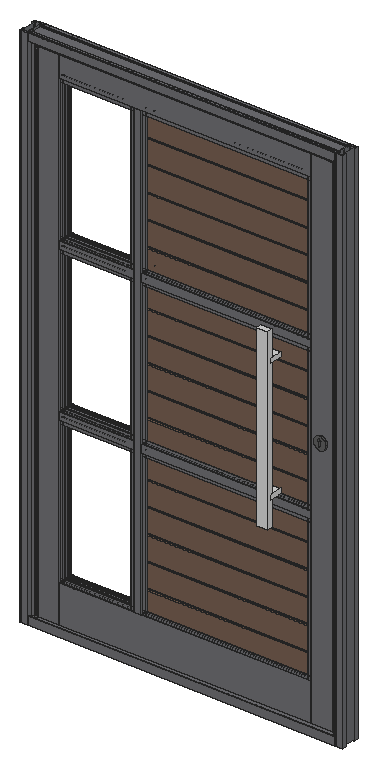
Revit family "Y1321P Y6 CH K LH", category Doors, host Wall, Revit 2024 (continued)
Automatic sketch dimensions
  Extrusion 12 sketch curve to Extrusion 12 sketch curve = 1.5 mm  (x2)
  Extrusion 12 sketch curve to host wall = 17.1 mm  (x2)
  Extrusion 12 sketch curve to host wall = 19.7 mm
  Extrusion 12 sketch curve to Extrusion 12 sketch curve = 4.4 mm  (x2)
  Extrusion 12 sketch curve to Extrusion 12 sketch curve = 2.6 mm  (x2)
  Extrusion 12 sketch curve to Extrusion 12 sketch curve = 4.95 mm
  level to Extrusion 12 sketch curve = 33.5 mm  (x2)
  Extrusion 12 sketch curve to Extrusion 12 sketch curve = 2 mm  (x4)
  Extrusion 12 sketch curve to Extrusion 12 sketch curve = 12.447 mm  (x4)
  Extrusion 12 sketch curve to Extrusion 12 sketch curve = 0.953 mm  (x20)
  Extrusion 12 sketch curve to Extrusion 12 sketch curve = 3 mm  (x11)
  Extrusion 12 sketch curve to Extrusion 12 sketch curve = 10.747 mm  (x3)
  Extrusion 12 sketch curve to Extrusion 12 sketch curve = 95.295 mm
  Extrusion 12 sketch curve to Extrusion 12 sketch curve = 7.947 mm  (x2)
  Extrusion 12 sketch curve to Extrusion 12 sketch curve = 10.547 mm  (x2)
  Extrusion 12 sketch curve to Extrusion 12 sketch curve = 0.8 mm
  Extrusion 12 sketch curve to Extrusion 12 sketch curve = 1.205 mm  (x2)
  Extrusion 12 sketch curve to Extrusion 12 sketch curve = 1.293 mm
  Extrusion 12 sketch curve to Extrusion 12 sketch curve = 0.241 mm  (x2)
  Extrusion 12 sketch curve to Extrusion 12 sketch curve = 0.402 mm  (x2)
  Extrusion 12 sketch curve to Extrusion 12 sketch curve = 1.066 mm  (x2)
  Extrusion 12 sketch curve to Extrusion 12 sketch curve = 0.993 mm  (x2)
  Extrusion 12 sketch curve to Extrusion 12 sketch curve = 10.607 mm  (x2)
  Extrusion 12 sketch curve to Extrusion 12 sketch curve = 0.693 mm  (x2)
  Extrusion 12 sketch curve to Extrusion 12 sketch curve = 2.5 mm  (x2)
  Extrusion 12 sketch curve to Extrusion 12 sketch curve = 1.2 mm  (x2)
  plane 5 to Extrusion 12 sketch curve = 146.5 mm
  Extrusion 12 sketch curve to Extrusion 12 sketch curve = 0.405 mm
  Extrusion 12 sketch curve to Extrusion 12 sketch curve = 30.295 mm  (x2)
  Extrusion 13 sketch curve to host wall = 0 mm
  Extrusion 13 sketch curve to host wall = 20 mm
  plane 4 "Right" to Extrusion 13 sketch curve = 269.704 mm
  Extrusion 13 sketch curve to Extrusion 13 sketch curve = 40 mm
  plane 4 "Right" to Extrusion 14 sketch curve = 269.704 mm  (x2)
  Extrusion 14 sketch curve to Extrusion 14 sketch curve = 40 mm  (x2)
  plane 5 to Extrusion 14 sketch curve = 805 mm
  Extrusion 14 sketch curve to Extrusion 14 sketch curve = 20 mm  (x2)
  Extrusion 14 sketch curve to Extrusion 14 sketch curve = 470 mm
  Extrusion 15 sketch curve to host wall = 18 mm
  plane 4 "Right" to Extrusion 15 sketch curve = 269.704 mm
  host wall to Extrusion 15 sketch curve = 2 mm
  Extrusion 15 sketch curve to Extrusion 15 sketch curve = 40 mm
  plane 4 "Right" to Extrusion 16 sketch curve = 269.704 mm  (x2)
  Extrusion 16 sketch curve to Extrusion 16 sketch curve = 40 mm  (x2)
  level to Extrusion 16 sketch curve = 805 mm
  Extrusion 16 sketch curve to Extrusion 16 sketch curve = 20 mm  (x2)
  Extrusion 16 sketch curve to Extrusion 16 sketch curve = 470 mm
  Extrusion 17 sketch curve to host wall = 22 mm  (x2)
  Extrusion 17 sketch curve to Extrusion 17 sketch curve = 1.8 mm  (x13)
  Extrusion 17 sketch curve to Extrusion 17 sketch curve = 4.9 mm  (x4)
  Extrusion 17 sketch curve to Extrusion 17 sketch curve = 1.4 mm  (x10)
  Extrusion 17 sketch curve to Extrusion 17 sketch curve = 0.4 mm  (x11)
  Extrusion 17 sketch curve to Extrusion 17 sketch curve = 1.5 mm  (x4)
  host wall to Extrusion 17 sketch curve = 2 mm  (x4)
  Extrusion 17 sketch curve to Extrusion 17 sketch curve = 3 mm  (x4)
  host wall to Extrusion 17 sketch curve = 14 mm  (x4)
  Extrusion 17 sketch curve to Extrusion 17 sketch curve = 8.4 mm  (x3)
  Extrusion 17 sketch curve to Extrusion 17 sketch curve = 1.2 mm  (x10)
  Extrusion 17 sketch curve to Extrusion 17 sketch curve = 1.6 mm  (x2)
  Extrusion 17 sketch curve to Extrusion 17 sketch curve = 1.381 mm  (x2)
  Extrusion 17 sketch curve to Extrusion 17 sketch curve = 3.619 mm  (x2)
  plane 5 to Extrusion 17 sketch curve = 697.9 mm
  Extrusion 17 sketch curve to Extrusion 17 sketch curve = 2.5 mm  (x2)
  Extrusion 17 sketch curve to Extrusion 17 sketch curve = 0.693 mm  (x4)
  Extrusion 17 sketch curve to Extrusion 17 sketch curve = 10.607 mm  (x2)
  Extrusion 17 sketch curve to Extrusion 17 sketch curve = 0 mm  (x6)
  Extrusion 17 sketch curve to Extrusion 17 sketch curve = 0.975 mm  (x6)
  Extrusion 17 sketch curve to Extrusion 17 sketch curve = 0.131 mm  (x4)
  Extrusion 17 sketch curve to Extrusion 17 sketch curve = 0.262 mm  (x4)
  Extrusion 17 sketch curve to Extrusion 17 sketch curve = 1.494 mm  (x3)
  Extrusion 17 sketch curve to Extrusion 17 sketch curve = 21.2 mm  (x2)
  Extrusion 17 sketch curve to Extrusion 17 sketch curve = 1.363 mm  (x3)
  Extrusion 17 sketch curve to Extrusion 17 sketch curve = 10.9 mm  (x2)
  Extrusion 17 sketch curve to Extrusion 17 sketch curve = 2.207 mm  (x2)
  Extrusion 17 sketch curve to Extrusion 17 sketch curve = 552.2 mm
  Extrusion 17 sketch curve to Extrusion 17 sketch curve = 0.694 mm
  Extrusion 18 sketch curve to host wall = 22 mm  (x2)
  Extrusion 18 sketch curve to Extrusion 18 sketch curve = 1.8 mm  (x13)
  Extrusion 18 sketch curve to Extrusion 18 sketch curve = 4.9 mm  (x4)
  Extrusion 18 sketch curve to Extrusion 18 sketch curve = 1.4 mm  (x10)
  Extrusion 18 sketch curve to Extrusion 18 sketch curve = 0.4 mm  (x11)
  Extrusion 18 sketch curve to Extrusion 18 sketch curve = 1.5 mm  (x4)
  host wall to Extrusion 18 sketch curve = 2 mm  (x4)
  Extrusion 18 sketch curve to Extrusion 18 sketch curve = 3 mm  (x4)
  host wall to Extrusion 18 sketch curve = 14 mm  (x4)
  Extrusion 18 sketch curve to Extrusion 18 sketch curve = 8.4 mm  (x3)
  Extrusion 18 sketch curve to Extrusion 18 sketch curve = 1.2 mm  (x10)
  Extrusion 18 sketch curve to Extrusion 18 sketch curve = 1.6 mm  (x2)
  Extrusion 18 sketch curve to Extrusion 18 sketch curve = 1.381 mm  (x2)
  Extrusion 18 sketch curve to Extrusion 18 sketch curve = 3.619 mm  (x2)
  plane 5 to Extrusion 18 sketch curve = 697.9 mm
  Extrusion 18 sketch curve to Extrusion 18 sketch curve = 2.5 mm  (x2)
  Extrusion 18 sketch curve to Extrusion 18 sketch curve = 0.693 mm  (x4)
  Extrusion 18 sketch curve to Extrusion 18 sketch curve = 10.607 mm  (x2)
  Extrusion 18 sketch curve to Extrusion 18 sketch curve = 0 mm  (x6)
  Extrusion 18 sketch curve to Extrusion 18 sketch curve = 0.975 mm  (x6)
  Extrusion 18 sketch curve to Extrusion 18 sketch curve = 0.131 mm  (x4)
  Extrusion 18 sketch curve to Extrusion 18 sketch curve = 0.262 mm  (x4)
  Extrusion 18 sketch curve to Extrusion 18 sketch curve = 1.494 mm  (x3)
  Extrusion 18 sketch curve to Extrusion 18 sketch curve = 21.2 mm  (x2)
  Extrusion 18 sketch curve to Extrusion 18 sketch curve = 1.363 mm  (x3)
  Extrusion 18 sketch curve to Extrusion 18 sketch curve = 10.9 mm  (x2)
  Extrusion 18 sketch curve to Extrusion 18 sketch curve = 2.207 mm  (x2)
  Extrusion 18 sketch curve to Extrusion 18 sketch curve = 552.2 mm
  Extrusion 18 sketch curve to Extrusion 18 sketch curve = 0.694 mm
  Extrusion 19 sketch curve to host wall = 22 mm
  Extrusion 19 sketch curve to Extrusion 19 sketch curve = 1.8 mm  (x7)
  Extrusion 19 sketch curve to Extrusion 19 sketch curve = 4.9 mm  (x2)
  Extrusion 19 sketch curve to Extrusion 19 sketch curve = 1.4 mm  (x5)
  Extrusion 19 sketch curve to Extrusion 19 sketch curve = 1.5 mm  (x2)
  host wall to Extrusion 19 sketch curve = 2 mm  (x2)
  Extrusion 19 sketch curve to Extrusion 19 sketch curve = 3 mm  (x2)
  Extrusion 19 sketch curve to Extrusion 19 sketch curve = 0.4 mm  (x6)
  host wall to Extrusion 19 sketch curve = 14 mm  (x2)
  Extrusion 19 sketch curve to Extrusion 19 sketch curve = 1.2 mm  (x6)
  Extrusion 19 sketch curve to Extrusion 19 sketch curve = 1.381 mm
  Extrusion 19 sketch curve to Extrusion 19 sketch curve = 3.2 mm
  Extrusion 19 sketch curve to plane 2 "Center (Left/Right)" = 218.5 mm
  Extrusion 19 sketch curve to Extrusion 19 sketch curve = 2.5 mm
  Extrusion 19 sketch curve to Extrusion 19 sketch curve = 0.693 mm  (x2)
  Extrusion 19 sketch curve to Extrusion 19 sketch curve = 13.8 mm
  Extrusion 19 sketch curve to Extrusion 19 sketch curve = 10.607 mm
  Extrusion 19 sketch curve to Extrusion 19 sketch curve = 0 mm  (x2)
  Extrusion 19 sketch curve to Extrusion 19 sketch curve = 0.975 mm  (x3)
  Extrusion 19 sketch curve to Extrusion 19 sketch curve = 0.131 mm  (x2)
  Extrusion 19 sketch curve to Extrusion 19 sketch curve = 0.262 mm  (x2)
  Extrusion 19 sketch curve to Extrusion 19 sketch curve = 0.694 mm
  Extrusion 19 sketch curve to Extrusion 19 sketch curve = 1.494 mm  (x2)
  Extrusion 19 sketch curve to Extrusion 19 sketch curve = 21.2 mm
  Extrusion 19 sketch curve to Extrusion 19 sketch curve = 1.363 mm
  Extrusion 19 sketch curve to Extrusion 19 sketch curve = 10.9 mm
  Extrusion 19 sketch curve to Extrusion 19 sketch curve = 2.207 mm
  Extrusion 20 sketch curve to plane 3 "Left" = 141.5 mm
  Extrusion 20 sketch curve to plane 2 "Center (Left/Right)" = 203.5 mm
  level to Extrusion 20 sketch curve = 795.7 mm
  Extrusion 20 sketch curve to Extrusion 20 sketch curve = 581.4 mm
  Extrusion 21 sketch curve to plane 3 "Left" = 141.5 mm
  Extrusion 21 sketch curve to plane 2 "Center (Left/Right)" = 203.5 mm
  level to Extrusion 21 sketch curve = 183.5 mm
  Extrusion 21 sketch curve to Extrusion 21 sketch curve = 581.4 mm
  host wall to Extrusion 22 sketch curve = 12 mm  (x4)
  Extrusion 22 sketch curve to Extrusion 22 sketch curve = 0 mm  (x10)
  host wall to Extrusion 22 sketch curve = 4.5 mm  (x5)
  Extrusion 22 sketch curve to host wall = 2.5 mm  (x5)
  Extrusion 22 sketch curve to Extrusion 22 sketch curve = 7.5 mm  (x6)
  plane 5 to Extrusion 22 sketch curve = 712.9 mm
  Extrusion 22 sketch curve to Extrusion 22 sketch curve = 90.4 mm
  Extrusion 22 sketch curve to Extrusion 22 sketch curve = 8 mm  (x7)
  Extrusion 22 sketch curve to Extrusion 22 sketch curve = 90.2 mm  (x5)
  host wall to Extrusion 23 sketch curve = 12 mm  (x4)
  Extrusion 23 sketch curve to Extrusion 23 sketch curve = 0 mm  (x10)
  host wall to Extrusion 23 sketch curve = 4.5 mm  (x5)
  Extrusion 23 sketch curve to host wall = 2.5 mm  (x5)
  Extrusion 23 sketch curve to Extrusion 23 sketch curve = 7.5 mm  (x6)
  level to Extrusion 23 sketch curve = 795.7 mm
  Extrusion 23 sketch curve to Extrusion 23 sketch curve = 90.4 mm
  Extrusion 23 sketch curve to Extrusion 23 sketch curve = 8 mm  (x7)
  Extrusion 23 sketch curve to Extrusion 23 sketch curve = 90.2 mm  (x5)
  host wall to Extrusion 24 sketch curve = 12 mm  (x4)
  Extrusion 24 sketch curve to Extrusion 24 sketch curve = 0 mm  (x10)
  host wall to Extrusion 24 sketch curve = 4.5 mm  (x5)
  Extrusion 24 sketch curve to host wall = 2.5 mm  (x5)
  Extrusion 24 sketch curve to Extrusion 24 sketch curve = 7.5 mm  (x6)
  level to Extrusion 24 sketch curve = 183.5 mm
  Extrusion 24 sketch curve to Extrusion 24 sketch curve = 90.4 mm
  Extrusion 24 sketch curve to Extrusion 24 sketch curve = 8 mm  (x7)
  Extrusion 24 sketch curve to Extrusion 24 sketch curve = 90.2 mm  (x5)
  Sweep 25 sketch curve to plane 2 "Center (Left/Right)" = 173.5 mm
  plane 4 "Right" to Sweep 25 sketch curve = 141.5 mm
  level to Sweep 25 sketch curve = 794.9 mm
  Sweep 25 sketch curve to Sweep 25 sketch curve = 582.2 mm
  Sweep 25 sketch curve to profile plane = 0 mm
  profile plane to Sweep 25 sketch curve = 0.6 mm
  profile plane to Sweep 25 sketch curve = 1.1 mm
  Sweep 25 sketch curve to Sweep 25 sketch curve = 1 mm  (x7)
  Sweep 25 sketch curve to Sweep 25 sketch curve = 0.75 mm
  Sweep 25 sketch curve to Sweep 25 sketch curve = 0.5 mm  (x2)
  Sweep 25 sketch curve to Sweep 25 sketch curve = 0.6 mm  (x2)
  Sweep 25 sketch curve to profile plane = 1.9 mm
  Sweep 25 sketch curve to Sweep 25 sketch curve = 4.4 mm
  Sweep 25 sketch curve to Sweep 25 sketch curve = 1.2 mm  (x2)
  Sweep 25 sketch curve to Sweep 25 sketch curve = 1.5 mm
  Sweep 25 sketch curve to Sweep 25 sketch curve = 0.4 mm  (x2)
  Sweep 25 sketch curve to Sweep 25 sketch curve = 1.4 mm  (x2)
  profile plane to Sweep 25 sketch curve = 53 mm
  Sweep 25 sketch curve to Sweep 25 sketch curve = 0 mm  (x2)
  Sweep 25 sketch curve to Sweep 25 sketch curve = 2 mm  (x3)
  Sweep 25 sketch curve to Sweep 25 sketch curve = 2.5 mm
  Sweep 25 sketch curve to Sweep 25 sketch curve = 8 mm
  Sweep 25 sketch curve to Sweep 25 sketch curve = 0.3 mm
  Sweep 25 sketch curve to Sweep 25 sketch curve = 10.5 mm
  Sweep 25 sketch curve to Sweep 25 sketch curve = 3.5 mm
  Sweep 26 sketch curve to plane 2 "Center (Left/Right)" = 173.5 mm
  plane 4 "Right" to Sweep 26 sketch curve = 141.5 mm
  level to Sweep 26 sketch curve = 183.5 mm
  Sweep 26 sketch curve to Sweep 26 sketch curve = 581.4 mm
  Sweep 26 sketch curve to profile plane = 0 mm
  profile plane to Sweep 26 sketch curve = 0.6 mm
  profile plane to Sweep 26 sketch curve = 1.1 mm
  Sweep 26 sketch curve to Sweep 26 sketch curve = 1 mm  (x7)
  Sweep 26 sketch curve to Sweep 26 sketch curve = 0.75 mm
  Sweep 26 sketch curve to Sweep 26 sketch curve = 0.5 mm  (x2)
  Sweep 26 sketch curve to Sweep 26 sketch curve = 0.6 mm  (x2)
  Sweep 26 sketch curve to profile plane = 1.9 mm
  Sweep 26 sketch curve to Sweep 26 sketch curve = 4.4 mm
  Sweep 26 sketch curve to Sweep 26 sketch curve = 1.2 mm  (x2)
  Sweep 26 sketch curve to Sweep 26 sketch curve = 1.5 mm
  Sweep 26 sketch curve to Sweep 26 sketch curve = 0.4 mm  (x2)
  Sweep 26 sketch curve to Sweep 26 sketch curve = 1.4 mm  (x2)
  profile plane to Sweep 26 sketch curve = 53 mm
  Sweep 26 sketch curve to Sweep 26 sketch curve = 0 mm  (x2)
  Sweep 26 sketch curve to Sweep 26 sketch curve = 2 mm  (x3)
  Sweep 26 sketch curve to Sweep 26 sketch curve = 2.5 mm
  Sweep 26 sketch curve to Sweep 26 sketch curve = 8 mm
  Sweep 26 sketch curve to Sweep 26 sketch curve = 0.3 mm
  Sweep 26 sketch curve to Sweep 26 sketch curve = 10.5 mm
  Sweep 26 sketch curve to Sweep 26 sketch curve = 3.5 mm
  Sweep 27 sketch curve to plane 3 "Left" = 141.5 mm
  Sweep 27 sketch curve to plane 2 "Center (Left/Right)" = 203.5 mm
  plane 5 to Sweep 27 sketch curve = 712.9 mm
  plane 5 to Sweep 27 sketch curve = 130.4 mm
  Sweep 27 sketch curve to profile plane = 0 mm
  profile plane to Sweep 27 sketch curve = 0.6 mm
  profile plane to Sweep 27 sketch curve = 1.1 mm
  Sweep 27 sketch curve to Sweep 27 sketch curve = 1 mm  (x7)
  Sweep 27 sketch curve to Sweep 27 sketch curve = 0.75 mm
  Sweep 27 sketch curve to Sweep 27 sketch curve = 0.5 mm  (x2)
  Sweep 27 sketch curve to Sweep 27 sketch curve = 0.6 mm  (x2)
  Sweep 27 sketch curve to profile plane = 1.9 mm
  Sweep 27 sketch curve to Sweep 27 sketch curve = 4.4 mm
  Sweep 27 sketch curve to Sweep 27 sketch curve = 1.2 mm  (x2)
  Sweep 27 sketch curve to Sweep 27 sketch curve = 1.5 mm
  Sweep 27 sketch curve to Sweep 27 sketch curve = 0.4 mm  (x2)
  Sweep 27 sketch curve to Sweep 27 sketch curve = 1.4 mm  (x2)
  profile plane to Sweep 27 sketch curve = 53 mm
  Sweep 27 sketch curve to Sweep 27 sketch curve = 0 mm  (x2)
  Sweep 27 sketch curve to Sweep 27 sketch curve = 2 mm  (x3)
  Sweep 27 sketch curve to Sweep 27 sketch curve = 2.5 mm
  Sweep 27 sketch curve to Sweep 27 sketch curve = 8 mm
  Sweep 27 sketch curve to Sweep 27 sketch curve = 0.3 mm
  Sweep 27 sketch curve to Sweep 27 sketch curve = 10.5 mm
  Sweep 27 sketch curve to Sweep 27 sketch curve = 3.5 mm
  Sweep 28 sketch curve to plane 3 "Left" = 141.5 mm
  Sweep 28 sketch curve to plane 2 "Center (Left/Right)" = 203.5 mm
  level to Sweep 28 sketch curve = 794.9 mm
  Sweep 28 sketch curve to Sweep 28 sketch curve = 582.2 mm
  Sweep 28 sketch curve to profile plane = 0 mm
  profile plane to Sweep 28 sketch curve = 0.6 mm
  profile plane to Sweep 28 sketch curve = 1.1 mm
  Sweep 28 sketch curve to Sweep 28 sketch curve = 1 mm  (x7)
  Sweep 28 sketch curve to Sweep 28 sketch curve = 0.75 mm
  Sweep 28 sketch curve to Sweep 28 sketch curve = 0.5 mm  (x2)
  Sweep 28 sketch curve to Sweep 28 sketch curve = 0.6 mm  (x2)
  Sweep 28 sketch curve to profile plane = 1.9 mm
  Sweep 28 sketch curve to Sweep 28 sketch curve = 4.4 mm
  Sweep 28 sketch curve to Sweep 28 sketch curve = 1.2 mm  (x2)
  Sweep 28 sketch curve to Sweep 28 sketch curve = 1.5 mm
  Sweep 28 sketch curve to Sweep 28 sketch curve = 0.4 mm  (x2)
  Sweep 28 sketch curve to Sweep 28 sketch curve = 1.4 mm  (x2)
  profile plane to Sweep 28 sketch curve = 53 mm
  Sweep 28 sketch curve to Sweep 28 sketch curve = 0 mm  (x2)
  Sweep 28 sketch curve to Sweep 28 sketch curve = 2 mm  (x3)
  Sweep 28 sketch curve to Sweep 28 sketch curve = 2.5 mm
  Sweep 28 sketch curve to Sweep 28 sketch curve = 8 mm
  Sweep 28 sketch curve to Sweep 28 sketch curve = 0.3 mm
  Sweep 28 sketch curve to Sweep 28 sketch curve = 10.5 mm
  Sweep 28 sketch curve to Sweep 28 sketch curve = 3.5 mm
  Sweep 29 sketch curve to plane 3 "Left" = 141.5 mm
  Sweep 29 sketch curve to plane 2 "Center (Left/Right)" = 203.5 mm
  level to Sweep 29 sketch curve = 182.979 mm
  Sweep 29 sketch curve to Sweep 29 sketch curve = 581.921 mm
  Sweep 29 sketch curve to profile plane = 0 mm
  profile plane to Sweep 29 sketch curve = 0.6 mm
  profile plane to Sweep 29 sketch curve = 1.1 mm
  Sweep 29 sketch curve to Sweep 29 sketch curve = 1 mm  (x7)
  Sweep 29 sketch curve to Sweep 29 sketch curve = 0.75 mm
  Sweep 29 sketch curve to Sweep 29 sketch curve = 0.5 mm  (x2)
  Sweep 29 sketch curve to Sweep 29 sketch curve = 0.6 mm  (x2)
  Sweep 29 sketch curve to profile plane = 1.9 mm
  Sweep 29 sketch curve to Sweep 29 sketch curve = 4.4 mm
  Sweep 29 sketch curve to Sweep 29 sketch curve = 1.2 mm  (x2)
  Sweep 29 sketch curve to Sweep 29 sketch curve = 1.5 mm
  Sweep 29 sketch curve to Sweep 29 sketch curve = 0.4 mm  (x2)
  Sweep 29 sketch curve to Sweep 29 sketch curve = 1.4 mm  (x2)
  profile plane to Sweep 29 sketch curve = 53 mm
  Sweep 29 sketch curve to Sweep 29 sketch curve = 0 mm  (x2)
  Sweep 29 sketch curve to Sweep 29 sketch curve = 2 mm  (x3)
  Sweep 29 sketch curve to Sweep 29 sketch curve = 2.5 mm
  Sweep 29 sketch curve to Sweep 29 sketch curve = 8 mm
  Sweep 29 sketch curve to Sweep 29 sketch curve = 0.3 mm
  Sweep 29 sketch curve to Sweep 29 sketch curve = 10.5 mm
  Sweep 29 sketch curve to Sweep 29 sketch curve = 3.5 mm
  radius of Extrusion 7 sketch curve = 25 mm
  radius of Extrusion 8 sketch curve = 25 mm
